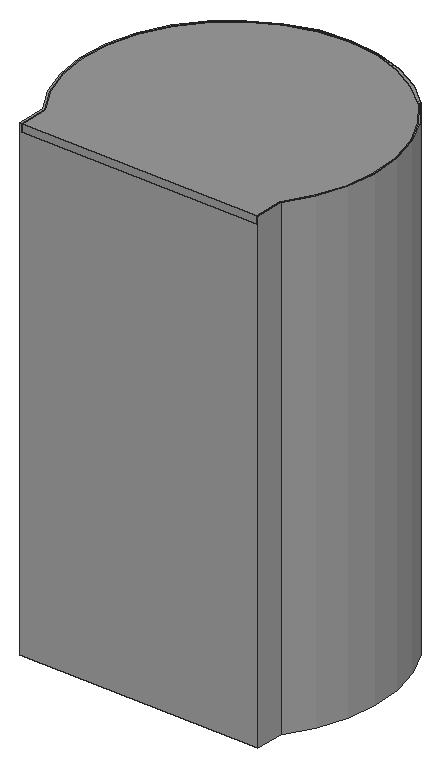
Revit family "MEP Björk Soap dispenser", category Electrical Equipment, host Wall, Revit 2018
Family settings
  Host = Wall
  Panel Configuration = Two Columns, Circuits Across
  Round Connector Dimension = Use Diameter
  Part Type = Panelboard
  Always vertical = Yes
  Cut with Voids When Loaded = No
  Shared = No
  Room Calculation Point = No
Parameters (values of type "OSLO")
  Voltage = "4 stk. 1,5 V Alkaline batterier type AA - Mulighed for strømtilslutning via ekstern transformer Mulighed for strømtilslutning via ekstern transformer"
  URL = "http://www.dandryer.com/en-gb/products/-soapdispensers"
  Type Image = <None>
  Panel Name [instance] = "Dandryer"
  Offset from floor = 1100 mm
  Model = "Björk-Serie"
  Manufacturer = "Dan Dryer"
  Description = "Touch-free soap dispenser"
  Cost = 0
Types (6, lengths in mm): name | Voltage | URL | Panel Name | Model | Description
  BIRK | 0 | "http://www.dandryer.dk/da-dk/produkter/produktserie-%E2%80%93-bjork/3002-bjork-haandtoerrer--valgfri-ral-farve" | (empty or 0) | "Björk-3002" | "Touch-free hand dryer"
  GEO WHITE | 0 | "http://www.dandryer.dk/da-dk/produkter/produktserie-%E2%80%93-bjork/3002-bjork-haandtoerrer--valgfri-ral-farve" | (empty or 0) | "Björk-3002" | "Touch-free hand dryer"
  GRIGIO LONDRA | 0 | "http://www.dandryer.dk/da-dk/produkter/produktserie-%E2%80%93-bjork/3002-bjork-haandtoerrer--valgfri-ral-farve" | (empty or 0) | "Björk-3002" | "Touch-free hand dryer"
  NEGRO INGO | 0 | "http://www.dandryer.dk/da-dk/produkter/produktserie-%E2%80%93-bjork/3002-bjork-haandtoerrer--valgfri-ral-farve" | (empty or 0) | "Björk-3002" | "Touch-free hand dryer"
  OSLO | "4 stk. 1,5 V Alkaline batterier type AA - Mulighed for strømtilslutning via ekstern transformer Mulighed for strømtilslutning via ekstern transformer" | "http://www.dandryer.com/en-gb/products/-soapdispensers" | "Dandryer" | "Björk-Serie" | "Touch-free soap dispenser"
  BIANCO MALE | 0 | "http://www.dandryer.dk/da-dk/produkter/produktserie-%E2%80%93-bjork/3002-bjork-haandtoerrer--valgfri-ral-farve" | (empty or 0) | "Björk-3002" | "Touch-free hand dryer"
Reference planes
  plane 1 "Wall": y = 0
  plane 2 "Center (Left/Right)": x = 125
  plane 3 "Back": y = 75
Forms (mm)
  Extrusion 1, solid, material "Blank Hvid", not visible
    sketch origin (0, 0, 0) x (1, 0, 0) y (0, 1, 0)
      loop
        arc (42.212, 95.366) -> (42.426, 94.946) -> (42.5, 94.481) r 1.5
        line (42.5, 94.481) -> (42.5, 75.3) -> (43.7, 75.3) -> (43.7, 94.481)
        arc (43.7, 94.481) -> (43.567, 95.318) -> (43.181, 96.073) r 2.7
        arc (43.181, 96.073) -> (125, 257.1) -> (206.819, 96.073) r 101.3
        arc (206.819, 96.073) -> (206.433, 95.318) -> (206.3, 94.481) r 2.7
        line (206.3, 94.481) -> (206.3, 75.3) -> (207.5, 75.3) -> (207.5, 94.481)
        arc (207.5, 94.481) -> (207.574, 94.946) -> (207.788, 95.366) r 1.5
        arc (207.788, 95.366) -> (125, 258.3) -> (42.212, 95.366) r 102.5
    from 900 to 1230
  Extrusion 2, void, not visible
    sketch origin (207.5, 94.481, 0) x (0, 1, 0) y (0, 0, -1)
      loop
        line (-19.181, -1225) -> (-19.181, -1230) -> (6.154, -1230)
        arc (6.154, -1230) -> (3.068, -1228.36) -> (2.105, -1225) r 4.47
        line (2.105, -1225) -> (-19.181, -1225)
    from -10.952 to 170.161
  Extrusion 3, void, not visible
    sketch origin (207.5, 94.481, 2130) x (0, 1, 0) y (0, 0, -1)
      loop
        line (-19.181, 1225) -> (2.105, 1225)
        arc (2.105, 1225) -> (3.068, 1228.36) -> (6.154, 1230) r 4.47
        line (6.154, 1230) -> (-19.181, 1230) -> (-19.181, 1225)
    from -6 to 179.451
  Extrusion 4, solid, not visible
    sketch origin (207.5, 75.3, 907) x (0, 1, 0) y (-1, 0, 0)
      loop
        line (0, 163.8) -> (0, 1.2) -> (19.181, 1.2)
        arc (19.181, 1.2) -> (20.018, 1.067) -> (20.773, 0.681) r 2.7
        arc (20.773, 0.681) -> (181.8, 82.5) -> (20.773, 164.319) r 101.3
        arc (20.773, 164.319) -> (20.018, 163.933) -> (19.181, 163.8) r 2.7
        line (19.181, 163.8) -> (0, 163.8)
    from 0 to -2
  Extrusion 5, void, not visible
    sketch origin (206.3, 75.3, 0) x (-1, 0, 0) y (0, 0, 1)
      loop
        arc (83.312, 976) -> (81.303, 978.014) -> (79.288, 976) r 2.012
        line (79.288, 976) -> (79.285, 930)
        arc (79.285, 930) -> (81.297, 927.986) -> (83.312, 930) r 2.012
        line (83.312, 930) -> (83.312, 976)
    from 174.915 to 189.234
  Extrusion 6, solid, not visible
    sketch origin (206.3, 75.3, 0) x (1, 0, 0) y (0, 0, 1)
      loop
        line (-83.312, 975.984) -> (-83.312, 930)
        arc (-83.312, 930) -> (-81.291, 928.118) -> (-79.287, 930.016) r 2.015
        line (-79.287, 930.016) -> (-79.288, 976)
        arc (-79.288, 976) -> (-81.309, 977.882) -> (-83.312, 975.984) r 2.015
    from -182.98 to -174.915
  Extrusion 7, solid, material "RAL FARVE", not visible
    sketch origin (0, 0, 0) x (1, 0, 0) y (0, 1, 0)
      loop
        arc (42.212, 95.366) -> (42.426, 94.946) -> (42.5, 94.481) r 1.5
        line (42.5, 94.481) -> (42.5, 75.3) -> (43.7, 75.3) -> (43.7, 94.481)
        arc (43.7, 94.481) -> (43.567, 95.318) -> (43.181, 96.073) r 2.7
        arc (43.181, 96.073) -> (125, 257.1) -> (206.819, 96.073) r 101.3
        arc (206.819, 96.073) -> (206.433, 95.318) -> (206.3, 94.481) r 2.7
        line (206.3, 94.481) -> (206.3, 75.3) -> (207.5, 75.3) -> (207.5, 94.481)
        arc (207.5, 94.481) -> (207.574, 94.946) -> (207.788, 95.366) r 1.5
        arc (207.788, 95.366) -> (125, 258.3) -> (42.212, 95.366) r 102.5
    from 900 to 1230
Text (mm)
  text "Placement Side" at (-1848.837, 1116.779, 0), in view "Ref. Level"
  text "Placement side" at (0, 1409.804, 2854.306), in view "Left"
  text "Placement side" at (0, 499.811, 2980.732), in view "Right"
Dimensions and locks
  locked: plane 3 "Back" to host wall
  "Offset from floor": level to nested 1
  aligned and locked: plane 1 "Wall" to host wall
  aligned and locked: plane 3 "Back" to nested 1  (x2)
Nested families
  nested 1: "Master Handdryer" at (125, 75, 1100), type "Master Handdryer"
Definition of nested family "Master Handdryer"
  Parameters (values of type "Master Handdryer")
    Surface Top = none
    Surface Front = none
  Reference planes
    plane 1 "Center (Front/Back)": y = 0
    plane 2: z = 0
    plane 3 "Center (Left/Right)": x = 0
  Forms (mm)
    Extrusion 1, solid, material <- "Surface Front"
      sketch origin (0, 0, 0) x (1, 0, 0) y (0, 1, 0)
        loop
          arc (82.5, 19.672) -> (0, 183) -> (-82.5, 19.672) r 102.5
          line (-82.5, 19.672) -> (-82.5, 0) -> (82.5, 0) -> (82.5, 19.672)
      from 0 to 330
    Extrusion 2, solid, material <- "Surface Top"
      sketch origin (0, 0, 330) x (1, 0, 0) y (0, 1, 0)
        loop
          arc (81.3, 20.068) -> (0, 181.8) -> (-81.3, 20.068) r 101.3
          line (-81.3, 20.068) -> (-81.3, 0) -> (81.3, 0) -> (81.3, 20.068)
      from 0 to -5
    Extrusion 3, void
      sketch origin (0, 0, 0) x (1, 0, 0) y (0, 1, 0)
        loop
          line (-81.3, 0) -> (81.3, 0) -> (81.3, 20.068)
          arc (81.3, 20.068) -> (0, 181.8) -> (-81.3, 20.068) r 101.3
          line (-81.3, 20.068) -> (-81.3, 0)
      from 325 to 330
  Cuts and joins
    Extrusion 3 cuts Extrusion 1
  Dimensions and locks
    aligned and locked: level to plane 2
